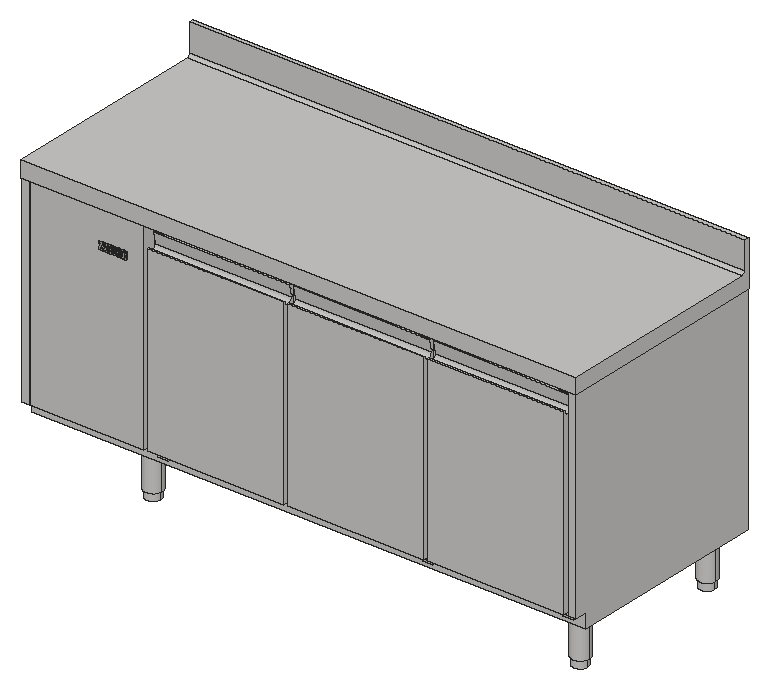
Revit family "QF_ZANUSSI_111101_ZH3K3AAA", category Specialty Equipment, Revit 2018
Family settings
  Round Connector Dimension = Use Diameter
  Part Type = Normal
  Work Plane-Based = No
  Always vertical = Yes
  Cut with Voids When Loaded = No
  Shared = No
  Room Calculation Point = No
Parameters
  Weight = 0.00 kg
  Watts = 0.0418064 W
  Volts = 220 V
  URL Manufacturer = "http://www.zanussiprofessional.com/"
  URL = "http://www.zanussiprofessional.com/"
  Steam Supply Size = 0 mm
  Steam Supply Minimum Pressure = 0.0 Pa
  Steam Supply Maximum Pressure = 0.0 Pa
  Steam Pounds per Hour = 0
  Show Logo [instance] = yes
  Show Clearance [instance] = yes
  Refrigeration Suction Line Size = 0 mm
  Refrigeration Liquid Line Size = 0 mm
  Refrigerant Compressor Remote = yes
  Manufacturer = "Zanussi"
  Phase = 1
  Model = "ZH3K3AAA"
  Length Actual = 1799 mm  # constant formula
  Item Number = "111101"
  Hot Water Size = 0 mm
  Height Actual = 1000 mm  # constant formula
  HP = "0.6 HP"
  Gas Size = 0 mm
  Gas KW = 0
  Gas Input Pressure = 0 W
  Description = "3 DOORS FREEZER TABLE 440L-SPLASHB"
  Depth Actual = 700 mm  # constant formula
  Cycle = 50 Hz
  Condensate Return Size = 0 mm
  Compressed Air Volume = 0.0 L/s
  Compressed Air Size = 0 mm
  Compressed Air Pressure = 0.0 Pa
  Cold Water Size = 0 mm
  Accessory = yes
Reference planes
  plane 1 "Center X": y = 182.5
  plane 2: z = 0
  plane 3 "Center Y": x = -353.5
  plane 4: y = -62.5
  plane 5: y = 451.5
  plane 6 "BACK": y = 532.5
  plane 7 "FRONT": y = -167.5
  plane 8: x = -906
  plane 9: x = 478
  plane 10: z = 150
  plane 11 "TOP": z = 900
  plane 12: z = 850
  plane 13 "LEFT": x = -1251
  plane 14 "RIGHT": x = 544
  plane 15: x = -1253
  plane 16: x = 546
Forms (mm)
  Extrusion 1, solid, material "QF_Finishes_Stainless Steel"
    sketch origin (-353.5, 2, 0) x (0, 1, 0) y (0, 0, 1)
      loop
        line (530.5, 150) -> (530.5, 850) -> (-124.5, 850) -> (-124.5, 150) -> (530.5, 150)
    from -897.5 to 897.5
  Extrusion 2, solid, material "QF_Finishes_Stainless Steel"
    sketch origin (-1022.223, -1524, 150) x (-1, 0, 0) y (0, -1, 0)
      loop
        line (228.777, -1361.5) -> (203.777, -1361.5) -> (203.777, -1401.5) -> (228.777, -1401.5) -> (228.777, -1361.5)
      loop
        line (-1566.223, -1401.5) -> (-1541.223, -1401.5) -> (-1541.223, -1361.5) -> (-1566.223, -1361.5) -> (-1566.223, -1401.5)
    from 47 to 700
  Extrusion 3, solid, material "QF_Finishes_Stainless Steel"
    sketch origin (0, 0, 900) x (-1, 0, 0) y (0, -1, 0)
      loop
        circle (170, -94.5) r 8.45
    from -790.577 to -750
  Extrusion 4, solid, material "QF_Finishes_Stainless Steel"
    sketch origin (0, 0, 0) x (1, 0, 0) y (0, 1, 0)
      loop
        circle (-1167, 451.5) r 4
    from 109.423 to 150
  Extrusion 5, solid, material "QF_Finishes_Stainless Steel"
    sketch origin (-126.5, 0, 0) x (0, 1, 0) y (0, 0, 1)
      loop
        line (-167.5, 900) -> (-167.5, 850) -> (532.5, 850) -> (532.5, 1000) -> (519.5, 1000) -> (519.5, 910)
        arc (519.5, 910) -> (516.571, 902.929) -> (509.5, 900) r 10
        line (509.5, 900) -> (-167.5, 900)
    from 672.5 to -1126.5
Cuts and joins
  joined: Extrusion 1, Extrusion 2
Lines and regions (mm)
  symbolic lines, style "SpecialityEquipmentHiddenLines"
    curve 1: line (-1253, -122.5, 900) -> (546, -122.5, 900)
    curve 2: line (-850, -167.5, 900) -> (-850, -122.5, 900)
  symbolic lines, style "SpecialityEquipment"
    curve 3: line (-1253, 532.5, 900) -> (546, 532.5, 900)
    curve 4: line (-1253, 532.5, 900) -> (-1253, -167.5, 900)
    curve 5: line (-1253, -167.5, 900) -> (546, -167.5, 900)
    curve 6: line (546, -167.5, 900) -> (546, 532.5, 900)
    curve 7: line (-1253, 519.5, 900) -> (546, 519.5, 900)
Dimensions and locks
  locked: plane 6 "BACK" to plane 7 "FRONT" at 700
  equal spacing: plane 6 "BACK", plane 1 "Center X", plane 7 "FRONT"
  locked: plane 6 "BACK" to plane 5 at 81
  plane 10 to level = 150 mm
  plane 11 "TOP" to plane 12 to plane 10 = 50 mm locked, 700 mm locked
  locked: Extrusion 2 sketch curve to Extrusion 2 sketch curve at 25  (x2)
  locked: plane 4 to plane 7 "FRONT" at 105
  locked: plane 6 "BACK" to Extrusion 3 sketch curve at 438
  equal spacing: plane 13 "LEFT", plane 3 "Center Y", plane 14 "RIGHT"
  plane 15 to plane 16 = 1799 mm
  locked: plane 13 "LEFT" to plane 8 at 345
  locked: plane 9 to plane 14 "RIGHT" at 66
  Extrusion 3 sketch curve to plane 14 "RIGHT" = 714 mm
  plane 13 "LEFT" to Extrusion 4 sketch curve = 84 mm
  locked: plane 6 "BACK" to Extrusion 4 sketch curve at 81
  locked: plane 10 to Extrusion 4 at 40.577
  aligned and locked: level to plane 2
  aligned and locked: plane 10 to Extrusion 3
  aligned and locked: nested 4 to plane 4
  aligned and locked: nested 1 to plane 4
  aligned and locked: nested 3 to plane 5
  aligned and locked: nested 2 to plane 5
  aligned and locked: plane 8 to nested 1
  aligned and locked: plane 8 to nested 2
  aligned and locked: plane 9 to nested 4
  aligned and locked: plane 9 to nested 3
  aligned and locked: Extrusion 1 to Extrusion 2
  aligned and locked: Extrusion 2 to Extrusion 1
  aligned and locked: Extrusion 2 sketch curve to plane 14 "RIGHT"
  aligned and locked: plane 13 "LEFT" to Extrusion 2 sketch curve
  aligned and locked: cut or joined group of Extrusion 1, Extrusion 2 to plane 10
  aligned and locked: plane 12 to cut or joined group of Extrusion 1, Extrusion 2
  aligned and locked: plane 10 to Extrusion 4
Automatic sketch dimensions
  plane 7 "FRONT" to Extrusion 2 sketch curve = 45 mm  (x2)
  plane 7 "FRONT" to Extrusion 2 sketch curve = 5 mm  (x2)
  Extrusion 1 sketch curve to plane 10 = 0 mm
  Extrusion 1 sketch curve to plane 12 = 0 mm
  Extrusion 1 sketch curve to plane 6 "BACK" = 0 mm
  plane 7 "FRONT" to Extrusion 1 sketch curve = 45 mm
  Extrusion 5 sketch curve to plane 7 "FRONT" = 0 mm
  Extrusion 5 sketch curve to plane 11 "TOP" = 0 mm
  Extrusion 5 sketch curve to plane 6 "BACK" = 0 mm
  Extrusion 5 sketch curve to plane 12 = 0 mm
  plane 11 "TOP" to Extrusion 5 sketch curve = 10 mm
  Extrusion 5 sketch curve to plane 6 "BACK" = 23 mm
  Extrusion 5 sketch curve to Extrusion 5 sketch curve = 90 mm
  curve 7 to plane 16 = 0 mm
  curve 2 to plane 7 "FRONT" = 0 mm
  curve 5 to plane 15 = 0 mm
  curve 3 to plane 6 "BACK" = 0 mm
  plane 8 to curve 2 = 56 mm
  curve 3 to curve 7 = 13 mm
  curve 1 to curve 4 = 45 mm
  radius of Extrusion 3 sketch curve = 8.45 mm
  radius of Extrusion 4 sketch curve = 4 mm
Nested families
  nested 1: "Foot_Ø50_H150" at (-906, -62.5, 0), type "Foot_Ø50_H150"
  nested 2: "Foot_Ø50_H150" at (-906, 451.5, 0), type "Foot_Ø50_H150"
  nested 3: "Foot_Ø50_H150" at (478, 451.5, 0), type "Foot_Ø50_H150"
  nested 4: "Foot_Ø50_H150" at (478, -62.5, 0), type "Foot_Ø50_H150"
  nested 5: "Door" at (285, -164.5, 0), Show Clearance <- "Show Clearance", type "Door"
  nested 6: "Door" at (-169, -164.5, 0), Show Clearance <- "Show Clearance", type "Door"
  nested 7: "Freezer" at (544, -167.5, 900), type "Freezer"
  nested 8: "ZAN_Cooling Unit" at (-1041.5, -164.5, 0), Show Logo <- "Show Logo", type "ZAN_Cooling Unit"
  nested 9: "Door" at (-623, -164.5, 0) x (-1, 0, 0) z (0, 0, 1), Show Clearance <- "Show Clearance", type "Door"
Connectors
  electrical at (-1167, 451.5, 109.423), driven by "Volts"
    settings: on Extrusion 4, index 4, voltage 220 V, apparent load 0 VA, apparent load phase1 0 VA, apparent load phase2 0 VA, apparent load phase3 0 VA, power factor 1, load classification "Altro", number of poles 1, system type 30, power factor state 1, is connector primary yes, connector utility no, sub classification motor no, connector description "Electrical Connection"
  piping at (-170, 94.5, 109.423), diameter 17
    settings: on Extrusion 3, index 5, connector inside diameter 609.6 mm, connector length 0 mm, flow factor 0, pipe flow 0.0 L/s, pressure drop 0.0 Pa, fitting loss kfactor 0, connector angle 0.00°, fixture units 0, engagement length 0 mm, angle of deflection 0.00°, flow configuration 1, flow direction 2, fitting loss method 0, system type 16, joint type 0, gender type 0, connector reference index -1, connector utility 0, adjustable connector no, is connector primary yes, connector description "Drain"
Definition of nested family "Foot_Ø50_H150"
  Reference planes
    plane 1 "Centro (Fronte/Retro)": y = 0
    plane 2: z = 0
    plane 3 "Centro (Sinistra/Destra)": x = 0
    plane 4: z = 150
  Forms (mm)
    Revolve 1, solid
      sketch origin (255.05, 0, 608.09) x (0, 0, 1) y (-1, 0, 0)
        loop
          line (-608.09, 255.05) -> (-608.09, 230.05) -> (-583.09, 230.05) -> (-583.09, 226.05) -> (-458.09, 226.05) -> (-458.09, 255.05) -> (-608.09, 255.05)
        axis (-608.09, 255.05) -> (-458.09, 255.05)
      angle from 0 to 360
  Dimensions and locks
    locked: Revolve 1 sketch curve to Revolve 1 sketch curve at 125
    aligned and locked: level to plane 2
    aligned and locked: plane 4 to Revolve 1 sketch curve
    aligned and locked: Revolve 1 sketch curve to level
    aligned and locked: plane 3 "Centro (Sinistra/Destra)" to Revolve 1 sketch curve
Definition of nested family "Door"
  Parameters
    Show Clearance [instance] = yes
  Reference planes
    plane 1 "FRONT": y = -3
    plane 2: z = 0
    plane 3 "Centro (Sinistra/Destra)": x = 0
    plane 4: z = 150
    plane 5: z = 850
    plane 6: x = -234
    plane 7: x = 234
    plane 8: x = -220
    plane 9: x = 220
  Forms (mm)
    Extrusion 1, solid
      sketch origin (0, 53, 511) x (0, 0, 1) y (0, -1, 0)
        loop
          line (-323.003, 28.5) -> (-316.501, 28.5) -> (-316.501, 31) -> (-325.503, 31) -> (-325.503, 13.5) -> (-345.503, 13.5) -> (-345.503, 11) -> (-323.003, 11) -> (-323.003, 23.259) -> (-323.003, 28.5)
        loop
          line (-314, 27) -> (-316.501, 27) -> (-316.501, 18.501) -> (-319.752, 18.501) -> (-319.752, 16) -> (-314, 16) -> (-314, 27)
        loop
          line (315.003, 27) -> (315.003, 13.948) -> (315.003, 11) -> (327.503, 11) -> (327.503, 13.5) -> (317.503, 13.5) -> (317.503, 27) -> (315.003, 27)
      from 185 to 220
    Extrusion 2, solid, visible <- "Show Clearance", detail levels coarse
      sketch origin (0, 53, 511) x (0, -1, 0) y (1, 0, 0)
        loop
          line (51, 220) -> (51, -220)
          arc (51, -220) -> (339.234, -79.44) -> (454, 220) r 437.168
          line (454, 220) -> (51, 220)
      from -314 to 314
    Extrusion 3, solid
      sketch origin (0, 55, 511) x (0, 0, 1) y (0, -1, 0)
        loop
          line (314, 18) -> (314, 29) -> (274.395, 22.5)
          arc (274.395, 22.5) -> (260.395, 36.5) -> (274.395, 50.5) r 14
          line (274.395, 50.5) -> (274.395, 53) -> (-314, 53) -> (-314, 18) -> (314, 18)
      from -220 to 220
  Lines and regions (mm)
    symbolic lines
      curve 1: line (220, -3, 0) -> (220, -401, 0)
      curve 2: line (220, -401, 0) -> (185, -401, 0)
      curve 3: line (185, -401, 0) -> (185, -3, 0)
      curve 4: arc (-219.722, -3, 0) -> (-89.51, -275.368, 0) -> (185, -401, 0) r 442.855
  Dimensions and locks
    aligned and locked: level to plane 2
Definition of nested family "ZAN_Cooling Unit"
  Parameters
    Show Logo [instance] = yes
  Reference planes
    plane 1 "FRONT": y = -3
    plane 2: z = 0
    plane 3 "Centro (Sinistra/Destra)": x = 0
    plane 4: z = 150
    plane 5: z = 850
    plane 6: x = -184.5
    plane 7: x = 184.5
  Forms (mm)
    Extrusion 1, solid
      sketch origin (0, 55, 511) x (0, 0, 1) y (0, -1, 0)
        loop
          line (-314, 53) -> (-314, 13) -> (339, 13) -> (339, 53) -> (-314, 53)
      from -184.5 to 184.5
  Lines and regions (mm)
    Split face 1
      outline origin (0, 2, 197) x (0, 0, 1) y (-1, 0, 0)
        loop
          line (566.835, 184.5) -> (566.835, -184.5)
        loop
          line (521.835, 184.5) -> (521.835, -184.5)
    Split face 2
      outline origin (0, 2, 197) x (0, 0, 1) y (-1, 0, 0)
        loop
          arc (510.649, 158.547) -> (506.648, 162.548) -> (502.647, 158.547) r 4.001
          line (502.647, 158.547) -> (502.647, 116.535)
          arc (502.647, 116.535) -> (506.648, 112.533) -> (510.649, 116.535) r 4.001
          line (510.649, 116.535) -> (510.649, 158.547)
    Split face 3
      outline origin (0, 2, 184.996) x (0, 0, 1) y (-1, 0, 0)
        loop
          arc (510.649, 158.547) -> (506.648, 162.548) -> (502.647, 158.547) r 4.001
          line (502.647, 158.547) -> (502.647, 116.535)
          arc (502.647, 116.535) -> (506.648, 112.533) -> (510.649, 116.535) r 4.001
          line (510.649, 116.535) -> (510.649, 158.547)
    Split face 4
      outline origin (0, 2, 172.993) x (0, 0, 1) y (-1, 0, 0)
        loop
          arc (510.649, 158.547) -> (506.648, 162.548) -> (502.647, 158.547) r 4.001
          line (502.647, 158.547) -> (502.647, 116.535)
          arc (502.647, 116.535) -> (506.648, 112.533) -> (510.649, 116.535) r 4.001
          line (510.649, 116.535) -> (510.649, 158.547)
    Split face 5
      outline origin (0, 2, 160.989) x (0, 0, 1) y (-1, 0, 0)
        loop
          arc (510.649, 158.547) -> (506.648, 162.548) -> (502.647, 158.547) r 4.001
          line (502.647, 158.547) -> (502.647, 116.535)
          arc (502.647, 116.535) -> (506.648, 112.533) -> (510.649, 116.535) r 4.001
          line (510.649, 116.535) -> (510.649, 158.547)
    Split face 6
      outline origin (0, 2, 148.986) x (0, 0, 1) y (-1, 0, 0)
        loop
          arc (510.649, 158.547) -> (506.648, 162.548) -> (502.647, 158.547) r 4.001
          line (502.647, 158.547) -> (502.647, 116.535)
          arc (502.647, 116.535) -> (506.648, 112.533) -> (510.649, 116.535) r 4.001
          line (510.649, 116.535) -> (510.649, 158.547)
    Split face 7
      outline origin (0, 2, 136.982) x (0, 0, 1) y (-1, 0, 0)
        loop
          arc (510.649, 158.547) -> (506.648, 162.548) -> (502.647, 158.547) r 4.001
          line (502.647, 158.547) -> (502.647, 116.535)
          arc (502.647, 116.535) -> (506.648, 112.533) -> (510.649, 116.535) r 4.001
          line (510.649, 116.535) -> (510.649, 158.547)
    Split face 8
      outline origin (0, 2, 124.979) x (0, 0, 1) y (-1, 0, 0)
        loop
          arc (510.649, 158.547) -> (506.648, 162.548) -> (502.647, 158.547) r 4.001
          line (502.647, 158.547) -> (502.647, 116.535)
          arc (502.647, 116.535) -> (506.648, 112.533) -> (510.649, 116.535) r 4.001
          line (510.649, 116.535) -> (510.649, 158.547)
    Split face 9
      outline origin (0, 2, 112.975) x (0, 0, 1) y (-1, 0, 0)
        loop
          arc (510.649, 158.547) -> (506.648, 162.548) -> (502.647, 158.547) r 4.001
          line (502.647, 158.547) -> (502.647, 116.535)
          arc (502.647, 116.535) -> (506.648, 112.533) -> (510.649, 116.535) r 4.001
          line (510.649, 116.535) -> (510.649, 158.547)
    Split face 10
      outline origin (0, 2, 100.972) x (0, 0, 1) y (-1, 0, 0)
        loop
          arc (510.649, 158.547) -> (506.648, 162.548) -> (502.647, 158.547) r 4.001
          line (502.647, 158.547) -> (502.647, 116.535)
          arc (502.647, 116.535) -> (506.648, 112.533) -> (510.649, 116.535) r 4.001
          line (510.649, 116.535) -> (510.649, 158.547)
    Split face 11
      outline origin (0, 2, 88.968) x (0, 0, 1) y (-1, 0, 0)
        loop
          arc (510.649, 158.547) -> (506.648, 162.548) -> (502.647, 158.547) r 4.001
          line (502.647, 158.547) -> (502.647, 116.535)
          arc (502.647, 116.535) -> (506.648, 112.533) -> (510.649, 116.535) r 4.001
          line (510.649, 116.535) -> (510.649, 158.547)
    Split face 12
      outline origin (0, 2, 76.965) x (0, 0, 1) y (-1, 0, 0)
        loop
          arc (510.649, 158.547) -> (506.648, 162.548) -> (502.647, 158.547) r 4.001
          line (502.647, 158.547) -> (502.647, 116.535)
          arc (502.647, 116.535) -> (506.648, 112.533) -> (510.649, 116.535) r 4.001
          line (510.649, 116.535) -> (510.649, 158.547)
    Split face 13
      outline origin (0, 2, 64.961) x (0, 0, 1) y (-1, 0, 0)
        loop
          arc (510.649, 158.547) -> (506.648, 162.548) -> (502.647, 158.547) r 4.001
          line (502.647, 158.547) -> (502.647, 116.535)
          arc (502.647, 116.535) -> (506.648, 112.533) -> (510.649, 116.535) r 4.001
          line (510.649, 116.535) -> (510.649, 158.547)
    Split face 14
      outline origin (0, 2, 52.958) x (0, 0, 1) y (-1, 0, 0)
        loop
          arc (510.649, 158.547) -> (506.648, 162.548) -> (502.647, 158.547) r 4.001
          line (502.647, 158.547) -> (502.647, 116.535)
          arc (502.647, 116.535) -> (506.648, 112.533) -> (510.649, 116.535) r 4.001
          line (510.649, 116.535) -> (510.649, 158.547)
    Split face 15
      outline origin (0, 2, 40.954) x (0, 0, 1) y (-1, 0, 0)
        loop
          arc (510.649, 158.547) -> (506.648, 162.548) -> (502.647, 158.547) r 4.001
          line (502.647, 158.547) -> (502.647, 116.535)
          arc (502.647, 116.535) -> (506.648, 112.533) -> (510.649, 116.535) r 4.001
          line (510.649, 116.535) -> (510.649, 158.547)
    Split face 16
      outline origin (0, 2, 28.951) x (0, 0, 1) y (-1, 0, 0)
        loop
          arc (510.649, 158.547) -> (506.648, 162.548) -> (502.647, 158.547) r 4.001
          line (502.647, 158.547) -> (502.647, 116.535)
          arc (502.647, 116.535) -> (506.648, 112.533) -> (510.649, 116.535) r 4.001
          line (510.649, 116.535) -> (510.649, 158.547)
    Split face 17
      outline origin (0, 2, 16.947) x (0, 0, 1) y (-1, 0, 0)
        loop
          arc (510.649, 158.547) -> (506.648, 162.548) -> (502.647, 158.547) r 4.001
          line (502.647, 158.547) -> (502.647, 116.535)
          arc (502.647, 116.535) -> (506.648, 112.533) -> (510.649, 116.535) r 4.001
          line (510.649, 116.535) -> (510.649, 158.547)
    Split face 18
      outline origin (55.016, 2, 197) x (0, 0, 1) y (-1, 0, 0)
        loop
          arc (510.649, 158.547) -> (506.648, 162.548) -> (502.647, 158.547) r 4.001
          line (502.647, 158.547) -> (502.647, 116.535)
          arc (502.647, 116.535) -> (506.648, 112.533) -> (510.649, 116.535) r 4.001
          line (510.649, 116.535) -> (510.649, 158.547)
    Split face 19
      outline origin (55.016, 2, 184.996) x (0, 0, 1) y (-1, 0, 0)
        loop
          arc (510.649, 158.547) -> (506.648, 162.548) -> (502.647, 158.547) r 4.001
          line (502.647, 158.547) -> (502.647, 116.535)
          arc (502.647, 116.535) -> (506.648, 112.533) -> (510.649, 116.535) r 4.001
          line (510.649, 116.535) -> (510.649, 158.547)
    Split face 20
      outline origin (55.016, 2, 172.993) x (0, 0, 1) y (-1, 0, 0)
        loop
          arc (510.649, 158.547) -> (506.648, 162.548) -> (502.647, 158.547) r 4.001
          line (502.647, 158.547) -> (502.647, 116.535)
          arc (502.647, 116.535) -> (506.648, 112.533) -> (510.649, 116.535) r 4.001
          line (510.649, 116.535) -> (510.649, 158.547)
    Split face 21
      outline origin (55.016, 2, 160.989) x (0, 0, 1) y (-1, 0, 0)
        loop
          arc (510.649, 158.547) -> (506.648, 162.548) -> (502.647, 158.547) r 4.001
          line (502.647, 158.547) -> (502.647, 116.535)
          arc (502.647, 116.535) -> (506.648, 112.533) -> (510.649, 116.535) r 4.001
          line (510.649, 116.535) -> (510.649, 158.547)
    Split face 22
      outline origin (55.016, 2, 148.986) x (0, 0, 1) y (-1, 0, 0)
        loop
          arc (510.649, 158.547) -> (506.648, 162.548) -> (502.647, 158.547) r 4.001
          line (502.647, 158.547) -> (502.647, 116.535)
          arc (502.647, 116.535) -> (506.648, 112.533) -> (510.649, 116.535) r 4.001
          line (510.649, 116.535) -> (510.649, 158.547)
    Split face 23
      outline origin (55.016, 2, 136.982) x (0, 0, 1) y (-1, 0, 0)
        loop
          arc (510.649, 158.547) -> (506.648, 162.548) -> (502.647, 158.547) r 4.001
          line (502.647, 158.547) -> (502.647, 116.535)
          arc (502.647, 116.535) -> (506.648, 112.533) -> (510.649, 116.535) r 4.001
          line (510.649, 116.535) -> (510.649, 158.547)
    Split face 24
      outline origin (55.016, 2, 124.979) x (0, 0, 1) y (-1, 0, 0)
        loop
          arc (510.649, 158.547) -> (506.648, 162.548) -> (502.647, 158.547) r 4.001
          line (502.647, 158.547) -> (502.647, 116.535)
          arc (502.647, 116.535) -> (506.648, 112.533) -> (510.649, 116.535) r 4.001
          line (510.649, 116.535) -> (510.649, 158.547)
    Split face 25
      outline origin (55.016, 2, 112.975) x (0, 0, 1) y (-1, 0, 0)
        loop
          arc (510.649, 158.547) -> (506.648, 162.548) -> (502.647, 158.547) r 4.001
          line (502.647, 158.547) -> (502.647, 116.535)
          arc (502.647, 116.535) -> (506.648, 112.533) -> (510.649, 116.535) r 4.001
          line (510.649, 116.535) -> (510.649, 158.547)
    Split face 26
      outline origin (55.016, 2, 100.972) x (0, 0, 1) y (-1, 0, 0)
        loop
          arc (510.649, 158.547) -> (506.648, 162.548) -> (502.647, 158.547) r 4.001
          line (502.647, 158.547) -> (502.647, 116.535)
          arc (502.647, 116.535) -> (506.648, 112.533) -> (510.649, 116.535) r 4.001
          line (510.649, 116.535) -> (510.649, 158.547)
    Split face 27
      outline origin (55.016, 2, 88.968) x (0, 0, 1) y (-1, 0, 0)
        loop
          arc (510.649, 158.547) -> (506.648, 162.548) -> (502.647, 158.547) r 4.001
          line (502.647, 158.547) -> (502.647, 116.535)
          arc (502.647, 116.535) -> (506.648, 112.533) -> (510.649, 116.535) r 4.001
          line (510.649, 116.535) -> (510.649, 158.547)
    Split face 28
      outline origin (55.016, 2, 76.965) x (0, 0, 1) y (-1, 0, 0)
        loop
          arc (510.649, 158.547) -> (506.648, 162.548) -> (502.647, 158.547) r 4.001
          line (502.647, 158.547) -> (502.647, 116.535)
          arc (502.647, 116.535) -> (506.648, 112.533) -> (510.649, 116.535) r 4.001
          line (510.649, 116.535) -> (510.649, 158.547)
    Split face 29
      outline origin (55.016, 2, 64.961) x (0, 0, 1) y (-1, 0, 0)
        loop
          arc (510.649, 158.547) -> (506.648, 162.548) -> (502.647, 158.547) r 4.001
          line (502.647, 158.547) -> (502.647, 116.535)
          arc (502.647, 116.535) -> (506.648, 112.533) -> (510.649, 116.535) r 4.001
          line (510.649, 116.535) -> (510.649, 158.547)
    Split face 30
      outline origin (55.016, 2, 52.958) x (0, 0, 1) y (-1, 0, 0)
        loop
          arc (510.649, 158.547) -> (506.648, 162.548) -> (502.647, 158.547) r 4.001
          line (502.647, 158.547) -> (502.647, 116.535)
          arc (502.647, 116.535) -> (506.648, 112.533) -> (510.649, 116.535) r 4.001
          line (510.649, 116.535) -> (510.649, 158.547)
    Split face 31
      outline origin (55.016, 2, 40.954) x (0, 0, 1) y (-1, 0, 0)
        loop
          arc (510.649, 158.547) -> (506.648, 162.548) -> (502.647, 158.547) r 4.001
          line (502.647, 158.547) -> (502.647, 116.535)
          arc (502.647, 116.535) -> (506.648, 112.533) -> (510.649, 116.535) r 4.001
          line (510.649, 116.535) -> (510.649, 158.547)
    Split face 32
      outline origin (55.016, 2, 28.951) x (0, 0, 1) y (-1, 0, 0)
        loop
          arc (510.649, 158.547) -> (506.648, 162.548) -> (502.647, 158.547) r 4.001
          line (502.647, 158.547) -> (502.647, 116.535)
          arc (502.647, 116.535) -> (506.648, 112.533) -> (510.649, 116.535) r 4.001
          line (510.649, 116.535) -> (510.649, 158.547)
    Split face 33
      outline origin (55.016, 2, 16.947) x (0, 0, 1) y (-1, 0, 0)
        loop
          arc (510.649, 158.547) -> (506.648, 162.548) -> (502.647, 158.547) r 4.001
          line (502.647, 158.547) -> (502.647, 116.535)
          arc (502.647, 116.535) -> (506.648, 112.533) -> (510.649, 116.535) r 4.001
          line (510.649, 116.535) -> (510.649, 158.547)
    Split face 34
      outline origin (110.032, 2, 197) x (0, 0, 1) y (-1, 0, 0)
        loop
          arc (510.649, 158.547) -> (506.648, 162.548) -> (502.647, 158.547) r 4.001
          line (502.647, 158.547) -> (502.647, 116.535)
          arc (502.647, 116.535) -> (506.648, 112.533) -> (510.649, 116.535) r 4.001
          line (510.649, 116.535) -> (510.649, 158.547)
    Split face 35
      outline origin (110.032, 2, 184.996) x (0, 0, 1) y (-1, 0, 0)
        loop
          arc (510.649, 158.547) -> (506.648, 162.548) -> (502.647, 158.547) r 4.001
          line (502.647, 158.547) -> (502.647, 116.535)
          arc (502.647, 116.535) -> (506.648, 112.533) -> (510.649, 116.535) r 4.001
          line (510.649, 116.535) -> (510.649, 158.547)
    Split face 36
      outline origin (110.032, 2, 172.993) x (0, 0, 1) y (-1, 0, 0)
        loop
          arc (510.649, 158.547) -> (506.648, 162.548) -> (502.647, 158.547) r 4.001
          line (502.647, 158.547) -> (502.647, 116.535)
          arc (502.647, 116.535) -> (506.648, 112.533) -> (510.649, 116.535) r 4.001
          line (510.649, 116.535) -> (510.649, 158.547)
    Split face 37
      outline origin (110.032, 2, 160.989) x (0, 0, 1) y (-1, 0, 0)
        loop
          arc (510.649, 158.547) -> (506.648, 162.548) -> (502.647, 158.547) r 4.001
          line (502.647, 158.547) -> (502.647, 116.535)
          arc (502.647, 116.535) -> (506.648, 112.533) -> (510.649, 116.535) r 4.001
          line (510.649, 116.535) -> (510.649, 158.547)
    Split face 38
      outline origin (110.032, 2, 148.986) x (0, 0, 1) y (-1, 0, 0)
        loop
          arc (510.649, 158.547) -> (506.648, 162.548) -> (502.647, 158.547) r 4.001
          line (502.647, 158.547) -> (502.647, 116.535)
          arc (502.647, 116.535) -> (506.648, 112.533) -> (510.649, 116.535) r 4.001
          line (510.649, 116.535) -> (510.649, 158.547)
    Split face 39
      outline origin (110.032, 2, 136.982) x (0, 0, 1) y (-1, 0, 0)
        loop
          arc (510.649, 158.547) -> (506.648, 162.548) -> (502.647, 158.547) r 4.001
          line (502.647, 158.547) -> (502.647, 116.535)
          arc (502.647, 116.535) -> (506.648, 112.533) -> (510.649, 116.535) r 4.001
          line (510.649, 116.535) -> (510.649, 158.547)
    Split face 40
      outline origin (110.032, 2, 124.979) x (0, 0, 1) y (-1, 0, 0)
        loop
          arc (510.649, 158.547) -> (506.648, 162.548) -> (502.647, 158.547) r 4.001
          line (502.647, 158.547) -> (502.647, 116.535)
          arc (502.647, 116.535) -> (506.648, 112.533) -> (510.649, 116.535) r 4.001
          line (510.649, 116.535) -> (510.649, 158.547)
    Split face 41
      outline origin (110.032, 2, 112.975) x (0, 0, 1) y (-1, 0, 0)
        loop
          arc (510.649, 158.547) -> (506.648, 162.548) -> (502.647, 158.547) r 4.001
          line (502.647, 158.547) -> (502.647, 116.535)
          arc (502.647, 116.535) -> (506.648, 112.533) -> (510.649, 116.535) r 4.001
          line (510.649, 116.535) -> (510.649, 158.547)
    Split face 42
      outline origin (110.032, 2, 100.972) x (0, 0, 1) y (-1, 0, 0)
        loop
          arc (510.649, 158.547) -> (506.648, 162.548) -> (502.647, 158.547) r 4.001
          line (502.647, 158.547) -> (502.647, 116.535)
          arc (502.647, 116.535) -> (506.648, 112.533) -> (510.649, 116.535) r 4.001
          line (510.649, 116.535) -> (510.649, 158.547)
    Split face 43
      outline origin (110.032, 2, 88.968) x (0, 0, 1) y (-1, 0, 0)
        loop
          arc (510.649, 158.547) -> (506.648, 162.548) -> (502.647, 158.547) r 4.001
          line (502.647, 158.547) -> (502.647, 116.535)
          arc (502.647, 116.535) -> (506.648, 112.533) -> (510.649, 116.535) r 4.001
          line (510.649, 116.535) -> (510.649, 158.547)
    Split face 44
      outline origin (110.032, 2, 76.965) x (0, 0, 1) y (-1, 0, 0)
        loop
          arc (510.649, 158.547) -> (506.648, 162.548) -> (502.647, 158.547) r 4.001
          line (502.647, 158.547) -> (502.647, 116.535)
          arc (502.647, 116.535) -> (506.648, 112.533) -> (510.649, 116.535) r 4.001
          line (510.649, 116.535) -> (510.649, 158.547)
    Split face 45
      outline origin (110.032, 2, 64.961) x (0, 0, 1) y (-1, 0, 0)
        loop
          arc (510.649, 158.547) -> (506.648, 162.548) -> (502.647, 158.547) r 4.001
          line (502.647, 158.547) -> (502.647, 116.535)
          arc (502.647, 116.535) -> (506.648, 112.533) -> (510.649, 116.535) r 4.001
          line (510.649, 116.535) -> (510.649, 158.547)
    Split face 46
      outline origin (110.032, 2, 52.958) x (0, 0, 1) y (-1, 0, 0)
        loop
          arc (510.649, 158.547) -> (506.648, 162.548) -> (502.647, 158.547) r 4.001
          line (502.647, 158.547) -> (502.647, 116.535)
          arc (502.647, 116.535) -> (506.648, 112.533) -> (510.649, 116.535) r 4.001
          line (510.649, 116.535) -> (510.649, 158.547)
    Split face 47
      outline origin (110.032, 2, 40.954) x (0, 0, 1) y (-1, 0, 0)
        loop
          arc (510.649, 158.547) -> (506.648, 162.548) -> (502.647, 158.547) r 4.001
          line (502.647, 158.547) -> (502.647, 116.535)
          arc (502.647, 116.535) -> (506.648, 112.533) -> (510.649, 116.535) r 4.001
          line (510.649, 116.535) -> (510.649, 158.547)
    Split face 48
      outline origin (110.032, 2, 28.951) x (0, 0, 1) y (-1, 0, 0)
        loop
          arc (510.649, 158.547) -> (506.648, 162.548) -> (502.647, 158.547) r 4.001
          line (502.647, 158.547) -> (502.647, 116.535)
          arc (502.647, 116.535) -> (506.648, 112.533) -> (510.649, 116.535) r 4.001
          line (510.649, 116.535) -> (510.649, 158.547)
    Split face 49
      outline origin (110.032, 2, 16.947) x (0, 0, 1) y (-1, 0, 0)
        loop
          arc (510.649, 158.547) -> (506.648, 162.548) -> (502.647, 158.547) r 4.001
          line (502.647, 158.547) -> (502.647, 116.535)
          arc (502.647, 116.535) -> (506.648, 112.533) -> (510.649, 116.535) r 4.001
          line (510.649, 116.535) -> (510.649, 158.547)
    Split face 50
      outline origin (165.048, 2, 197) x (0, 0, 1) y (-1, 0, 0)
        loop
          arc (510.649, 158.547) -> (506.648, 162.548) -> (502.647, 158.547) r 4.001
          line (502.647, 158.547) -> (502.647, 116.535)
          arc (502.647, 116.535) -> (506.648, 112.533) -> (510.649, 116.535) r 4.001
          line (510.649, 116.535) -> (510.649, 158.547)
    Split face 51
      outline origin (165.048, 2, 184.996) x (0, 0, 1) y (-1, 0, 0)
        loop
          arc (510.649, 158.547) -> (506.648, 162.548) -> (502.647, 158.547) r 4.001
          line (502.647, 158.547) -> (502.647, 116.535)
          arc (502.647, 116.535) -> (506.648, 112.533) -> (510.649, 116.535) r 4.001
          line (510.649, 116.535) -> (510.649, 158.547)
    Split face 52
      outline origin (165.048, 2, 172.993) x (0, 0, 1) y (-1, 0, 0)
        loop
          arc (510.649, 158.547) -> (506.648, 162.548) -> (502.647, 158.547) r 4.001
          line (502.647, 158.547) -> (502.647, 116.535)
          arc (502.647, 116.535) -> (506.648, 112.533) -> (510.649, 116.535) r 4.001
          line (510.649, 116.535) -> (510.649, 158.547)
    Split face 53
      outline origin (165.048, 2, 160.989) x (0, 0, 1) y (-1, 0, 0)
        loop
          arc (510.649, 158.547) -> (506.648, 162.548) -> (502.647, 158.547) r 4.001
          line (502.647, 158.547) -> (502.647, 116.535)
          arc (502.647, 116.535) -> (506.648, 112.533) -> (510.649, 116.535) r 4.001
          line (510.649, 116.535) -> (510.649, 158.547)
    Split face 54
      outline origin (165.048, 2, 148.986) x (0, 0, 1) y (-1, 0, 0)
        loop
          arc (510.649, 158.547) -> (506.648, 162.548) -> (502.647, 158.547) r 4.001
          line (502.647, 158.547) -> (502.647, 116.535)
          arc (502.647, 116.535) -> (506.648, 112.533) -> (510.649, 116.535) r 4.001
          line (510.649, 116.535) -> (510.649, 158.547)
    Split face 55
      outline origin (165.048, 2, 136.982) x (0, 0, 1) y (-1, 0, 0)
        loop
          arc (510.649, 158.547) -> (506.648, 162.548) -> (502.647, 158.547) r 4.001
          line (502.647, 158.547) -> (502.647, 116.535)
          arc (502.647, 116.535) -> (506.648, 112.533) -> (510.649, 116.535) r 4.001
          line (510.649, 116.535) -> (510.649, 158.547)
    Split face 56
      outline origin (165.048, 2, 124.979) x (0, 0, 1) y (-1, 0, 0)
        loop
          arc (510.649, 158.547) -> (506.648, 162.548) -> (502.647, 158.547) r 4.001
          line (502.647, 158.547) -> (502.647, 116.535)
          arc (502.647, 116.535) -> (506.648, 112.533) -> (510.649, 116.535) r 4.001
          line (510.649, 116.535) -> (510.649, 158.547)
    Split face 57
      outline origin (165.048, 2, 112.975) x (0, 0, 1) y (-1, 0, 0)
        loop
          arc (510.649, 158.547) -> (506.648, 162.548) -> (502.647, 158.547) r 4.001
          line (502.647, 158.547) -> (502.647, 116.535)
          arc (502.647, 116.535) -> (506.648, 112.533) -> (510.649, 116.535) r 4.001
          line (510.649, 116.535) -> (510.649, 158.547)
    Split face 58
      outline origin (165.048, 2, 100.972) x (0, 0, 1) y (-1, 0, 0)
        loop
          arc (510.649, 158.547) -> (506.648, 162.548) -> (502.647, 158.547) r 4.001
          line (502.647, 158.547) -> (502.647, 116.535)
          arc (502.647, 116.535) -> (506.648, 112.533) -> (510.649, 116.535) r 4.001
          line (510.649, 116.535) -> (510.649, 158.547)
    Split face 59
      outline origin (165.048, 2, 88.968) x (0, 0, 1) y (-1, 0, 0)
        loop
          arc (510.649, 158.547) -> (506.648, 162.548) -> (502.647, 158.547) r 4.001
          line (502.647, 158.547) -> (502.647, 116.535)
          arc (502.647, 116.535) -> (506.648, 112.533) -> (510.649, 116.535) r 4.001
          line (510.649, 116.535) -> (510.649, 158.547)
    Split face 60
      outline origin (165.048, 2, 76.965) x (0, 0, 1) y (-1, 0, 0)
        loop
          arc (510.649, 158.547) -> (506.648, 162.548) -> (502.647, 158.547) r 4.001
          line (502.647, 158.547) -> (502.647, 116.535)
          arc (502.647, 116.535) -> (506.648, 112.533) -> (510.649, 116.535) r 4.001
          line (510.649, 116.535) -> (510.649, 158.547)
    Split face 61
      outline origin (165.048, 2, 64.961) x (0, 0, 1) y (-1, 0, 0)
        loop
          arc (510.649, 158.547) -> (506.648, 162.548) -> (502.647, 158.547) r 4.001
          line (502.647, 158.547) -> (502.647, 116.535)
          arc (502.647, 116.535) -> (506.648, 112.533) -> (510.649, 116.535) r 4.001
          line (510.649, 116.535) -> (510.649, 158.547)
    Split face 62
      outline origin (165.048, 2, 52.958) x (0, 0, 1) y (-1, 0, 0)
        loop
          arc (510.649, 158.547) -> (506.648, 162.548) -> (502.647, 158.547) r 4.001
          line (502.647, 158.547) -> (502.647, 116.535)
          arc (502.647, 116.535) -> (506.648, 112.533) -> (510.649, 116.535) r 4.001
          line (510.649, 116.535) -> (510.649, 158.547)
    Split face 63
      outline origin (165.048, 2, 40.954) x (0, 0, 1) y (-1, 0, 0)
        loop
          arc (510.649, 158.547) -> (506.648, 162.548) -> (502.647, 158.547) r 4.001
          line (502.647, 158.547) -> (502.647, 116.535)
          arc (502.647, 116.535) -> (506.648, 112.533) -> (510.649, 116.535) r 4.001
          line (510.649, 116.535) -> (510.649, 158.547)
    Split face 64
      outline origin (165.048, 2, 28.951) x (0, 0, 1) y (-1, 0, 0)
        loop
          arc (510.649, 158.547) -> (506.648, 162.548) -> (502.647, 158.547) r 4.001
          line (502.647, 158.547) -> (502.647, 116.535)
          arc (502.647, 116.535) -> (506.648, 112.533) -> (510.649, 116.535) r 4.001
          line (510.649, 116.535) -> (510.649, 158.547)
    Split face 65
      outline origin (165.048, 2, 16.947) x (0, 0, 1) y (-1, 0, 0)
        loop
          arc (510.649, 158.547) -> (506.648, 162.548) -> (502.647, 158.547) r 4.001
          line (502.647, 158.547) -> (502.647, 116.535)
          arc (502.647, 116.535) -> (506.648, 112.533) -> (510.649, 116.535) r 4.001
          line (510.649, 116.535) -> (510.649, 158.547)
    Split face 66
      outline origin (220.064, 2, 197) x (0, 0, 1) y (-1, 0, 0)
        loop
          arc (510.649, 158.547) -> (506.648, 162.548) -> (502.647, 158.547) r 4.001
          line (502.647, 158.547) -> (502.647, 116.535)
          arc (502.647, 116.535) -> (506.648, 112.533) -> (510.649, 116.535) r 4.001
          line (510.649, 116.535) -> (510.649, 158.547)
    Split face 67
      outline origin (220.064, 2, 184.996) x (0, 0, 1) y (-1, 0, 0)
        loop
          arc (510.649, 158.547) -> (506.648, 162.548) -> (502.647, 158.547) r 4.001
          line (502.647, 158.547) -> (502.647, 116.535)
          arc (502.647, 116.535) -> (506.648, 112.533) -> (510.649, 116.535) r 4.001
          line (510.649, 116.535) -> (510.649, 158.547)
    Split face 68
      outline origin (220.064, 2, 172.993) x (0, 0, 1) y (-1, 0, 0)
        loop
          arc (510.649, 158.547) -> (506.648, 162.548) -> (502.647, 158.547) r 4.001
          line (502.647, 158.547) -> (502.647, 116.535)
          arc (502.647, 116.535) -> (506.648, 112.533) -> (510.649, 116.535) r 4.001
          line (510.649, 116.535) -> (510.649, 158.547)
    Split face 69
      outline origin (220.064, 2, 160.989) x (0, 0, 1) y (-1, 0, 0)
        loop
          arc (510.649, 158.547) -> (506.648, 162.548) -> (502.647, 158.547) r 4.001
          line (502.647, 158.547) -> (502.647, 116.535)
          arc (502.647, 116.535) -> (506.648, 112.533) -> (510.649, 116.535) r 4.001
          line (510.649, 116.535) -> (510.649, 158.547)
    Split face 70
      outline origin (220.064, 2, 148.986) x (0, 0, 1) y (-1, 0, 0)
        loop
          arc (510.649, 158.547) -> (506.648, 162.548) -> (502.647, 158.547) r 4.001
          line (502.647, 158.547) -> (502.647, 116.535)
          arc (502.647, 116.535) -> (506.648, 112.533) -> (510.649, 116.535) r 4.001
          line (510.649, 116.535) -> (510.649, 158.547)
    Split face 71
      outline origin (220.064, 2, 136.982) x (0, 0, 1) y (-1, 0, 0)
        loop
          arc (510.649, 158.547) -> (506.648, 162.548) -> (502.647, 158.547) r 4.001
          line (502.647, 158.547) -> (502.647, 116.535)
          arc (502.647, 116.535) -> (506.648, 112.533) -> (510.649, 116.535) r 4.001
          line (510.649, 116.535) -> (510.649, 158.547)
    Split face 72
      outline origin (220.064, 2, 124.979) x (0, 0, 1) y (-1, 0, 0)
        loop
          arc (510.649, 158.547) -> (506.648, 162.548) -> (502.647, 158.547) r 4.001
          line (502.647, 158.547) -> (502.647, 116.535)
          arc (502.647, 116.535) -> (506.648, 112.533) -> (510.649, 116.535) r 4.001
          line (510.649, 116.535) -> (510.649, 158.547)
    Split face 73
      outline origin (220.064, 2, 112.975) x (0, 0, 1) y (-1, 0, 0)
        loop
          arc (510.649, 158.547) -> (506.648, 162.548) -> (502.647, 158.547) r 4.001
          line (502.647, 158.547) -> (502.647, 116.535)
          arc (502.647, 116.535) -> (506.648, 112.533) -> (510.649, 116.535) r 4.001
          line (510.649, 116.535) -> (510.649, 158.547)
    Split face 74
      outline origin (220.064, 2, 100.972) x (0, 0, 1) y (-1, 0, 0)
        loop
          arc (510.649, 158.547) -> (506.648, 162.548) -> (502.647, 158.547) r 4.001
          line (502.647, 158.547) -> (502.647, 116.535)
          arc (502.647, 116.535) -> (506.648, 112.533) -> (510.649, 116.535) r 4.001
          line (510.649, 116.535) -> (510.649, 158.547)
    Split face 75
      outline origin (220.064, 2, 88.968) x (0, 0, 1) y (-1, 0, 0)
        loop
          arc (510.649, 158.547) -> (506.648, 162.548) -> (502.647, 158.547) r 4.001
          line (502.647, 158.547) -> (502.647, 116.535)
          arc (502.647, 116.535) -> (506.648, 112.533) -> (510.649, 116.535) r 4.001
          line (510.649, 116.535) -> (510.649, 158.547)
    Split face 76
      outline origin (220.064, 2, 76.965) x (0, 0, 1) y (-1, 0, 0)
        loop
          arc (510.649, 158.547) -> (506.648, 162.548) -> (502.647, 158.547) r 4.001
          line (502.647, 158.547) -> (502.647, 116.535)
          arc (502.647, 116.535) -> (506.648, 112.533) -> (510.649, 116.535) r 4.001
          line (510.649, 116.535) -> (510.649, 158.547)
    Split face 77
      outline origin (220.064, 2, 64.961) x (0, 0, 1) y (-1, 0, 0)
        loop
          arc (510.649, 158.547) -> (506.648, 162.548) -> (502.647, 158.547) r 4.001
          line (502.647, 158.547) -> (502.647, 116.535)
          arc (502.647, 116.535) -> (506.648, 112.533) -> (510.649, 116.535) r 4.001
          line (510.649, 116.535) -> (510.649, 158.547)
    Split face 78
      outline origin (220.064, 2, 52.958) x (0, 0, 1) y (-1, 0, 0)
        loop
          arc (510.649, 158.547) -> (506.648, 162.548) -> (502.647, 158.547) r 4.001
          line (502.647, 158.547) -> (502.647, 116.535)
          arc (502.647, 116.535) -> (506.648, 112.533) -> (510.649, 116.535) r 4.001
          line (510.649, 116.535) -> (510.649, 158.547)
    Split face 79
      outline origin (220.064, 2, 40.954) x (0, 0, 1) y (-1, 0, 0)
        loop
          arc (510.649, 158.547) -> (506.648, 162.548) -> (502.647, 158.547) r 4.001
          line (502.647, 158.547) -> (502.647, 116.535)
          arc (502.647, 116.535) -> (506.648, 112.533) -> (510.649, 116.535) r 4.001
          line (510.649, 116.535) -> (510.649, 158.547)
    Split face 80
      outline origin (220.064, 2, 28.951) x (0, 0, 1) y (-1, 0, 0)
        loop
          arc (510.649, 158.547) -> (506.648, 162.548) -> (502.647, 158.547) r 4.001
          line (502.647, 158.547) -> (502.647, 116.535)
          arc (502.647, 116.535) -> (506.648, 112.533) -> (510.649, 116.535) r 4.001
          line (510.649, 116.535) -> (510.649, 158.547)
    Split face 81
      outline origin (220.064, 2, 16.947) x (0, 0, 1) y (-1, 0, 0)
        loop
          arc (510.649, 158.547) -> (506.648, 162.548) -> (502.647, 158.547) r 4.001
          line (502.647, 158.547) -> (502.647, 116.535)
          arc (502.647, 116.535) -> (506.648, 112.533) -> (510.649, 116.535) r 4.001
          line (510.649, 116.535) -> (510.649, 158.547)
    Split face 82
      outline origin (275.081, 2, 197) x (0, 0, 1) y (-1, 0, 0)
        loop
          arc (510.649, 158.547) -> (506.648, 162.548) -> (502.647, 158.547) r 4.001
          line (502.647, 158.547) -> (502.647, 116.535)
          arc (502.647, 116.535) -> (506.648, 112.533) -> (510.649, 116.535) r 4.001
          line (510.649, 116.535) -> (510.649, 158.547)
    Split face 83
      outline origin (275.081, 2, 184.996) x (0, 0, 1) y (-1, 0, 0)
        loop
          arc (510.649, 158.547) -> (506.648, 162.548) -> (502.647, 158.547) r 4.001
          line (502.647, 158.547) -> (502.647, 116.535)
          arc (502.647, 116.535) -> (506.648, 112.533) -> (510.649, 116.535) r 4.001
          line (510.649, 116.535) -> (510.649, 158.547)
    Split face 84
      outline origin (275.081, 2, 172.993) x (0, 0, 1) y (-1, 0, 0)
        loop
          arc (510.649, 158.547) -> (506.648, 162.548) -> (502.647, 158.547) r 4.001
          line (502.647, 158.547) -> (502.647, 116.535)
          arc (502.647, 116.535) -> (506.648, 112.533) -> (510.649, 116.535) r 4.001
          line (510.649, 116.535) -> (510.649, 158.547)
    Split face 85
      outline origin (275.081, 2, 160.989) x (0, 0, 1) y (-1, 0, 0)
        loop
          arc (510.649, 158.547) -> (506.648, 162.548) -> (502.647, 158.547) r 4.001
          line (502.647, 158.547) -> (502.647, 116.535)
          arc (502.647, 116.535) -> (506.648, 112.533) -> (510.649, 116.535) r 4.001
          line (510.649, 116.535) -> (510.649, 158.547)
    Split face 86
      outline origin (275.081, 2, 148.986) x (0, 0, 1) y (-1, 0, 0)
        loop
          arc (510.649, 158.547) -> (506.648, 162.548) -> (502.647, 158.547) r 4.001
          line (502.647, 158.547) -> (502.647, 116.535)
          arc (502.647, 116.535) -> (506.648, 112.533) -> (510.649, 116.535) r 4.001
          line (510.649, 116.535) -> (510.649, 158.547)
    Split face 87
      outline origin (275.081, 2, 136.982) x (0, 0, 1) y (-1, 0, 0)
        loop
          arc (510.649, 158.547) -> (506.648, 162.548) -> (502.647, 158.547) r 4.001
          line (502.647, 158.547) -> (502.647, 116.535)
          arc (502.647, 116.535) -> (506.648, 112.533) -> (510.649, 116.535) r 4.001
          line (510.649, 116.535) -> (510.649, 158.547)
    Split face 88
      outline origin (275.081, 2, 124.979) x (0, 0, 1) y (-1, 0, 0)
        loop
          arc (510.649, 158.547) -> (506.648, 162.548) -> (502.647, 158.547) r 4.001
          line (502.647, 158.547) -> (502.647, 116.535)
          arc (502.647, 116.535) -> (506.648, 112.533) -> (510.649, 116.535) r 4.001
          line (510.649, 116.535) -> (510.649, 158.547)
    Split face 89
      outline origin (275.081, 2, 112.975) x (0, 0, 1) y (-1, 0, 0)
        loop
          arc (510.649, 158.547) -> (506.648, 162.548) -> (502.647, 158.547) r 4.001
          line (502.647, 158.547) -> (502.647, 116.535)
          arc (502.647, 116.535) -> (506.648, 112.533) -> (510.649, 116.535) r 4.001
          line (510.649, 116.535) -> (510.649, 158.547)
    Split face 90
      outline origin (275.081, 2, 100.972) x (0, 0, 1) y (-1, 0, 0)
        loop
          arc (510.649, 158.547) -> (506.648, 162.548) -> (502.647, 158.547) r 4.001
          line (502.647, 158.547) -> (502.647, 116.535)
          arc (502.647, 116.535) -> (506.648, 112.533) -> (510.649, 116.535) r 4.001
          line (510.649, 116.535) -> (510.649, 158.547)
    Split face 91
      outline origin (275.081, 2, 88.968) x (0, 0, 1) y (-1, 0, 0)
        loop
          arc (510.649, 158.547) -> (506.648, 162.548) -> (502.647, 158.547) r 4.001
          line (502.647, 158.547) -> (502.647, 116.535)
          arc (502.647, 116.535) -> (506.648, 112.533) -> (510.649, 116.535) r 4.001
          line (510.649, 116.535) -> (510.649, 158.547)
    Split face 92
      outline origin (275.081, 2, 76.965) x (0, 0, 1) y (-1, 0, 0)
        loop
          arc (510.649, 158.547) -> (506.648, 162.548) -> (502.647, 158.547) r 4.001
          line (502.647, 158.547) -> (502.647, 116.535)
          arc (502.647, 116.535) -> (506.648, 112.533) -> (510.649, 116.535) r 4.001
          line (510.649, 116.535) -> (510.649, 158.547)
    Split face 93
      outline origin (275.081, 2, 64.961) x (0, 0, 1) y (-1, 0, 0)
        loop
          arc (510.649, 158.547) -> (506.648, 162.548) -> (502.647, 158.547) r 4.001
          line (502.647, 158.547) -> (502.647, 116.535)
          arc (502.647, 116.535) -> (506.648, 112.533) -> (510.649, 116.535) r 4.001
          line (510.649, 116.535) -> (510.649, 158.547)
    Split face 94
      outline origin (275.081, 2, 52.958) x (0, 0, 1) y (-1, 0, 0)
        loop
          arc (510.649, 158.547) -> (506.648, 162.548) -> (502.647, 158.547) r 4.001
          line (502.647, 158.547) -> (502.647, 116.535)
          arc (502.647, 116.535) -> (506.648, 112.533) -> (510.649, 116.535) r 4.001
          line (510.649, 116.535) -> (510.649, 158.547)
    Split face 95
      outline origin (275.081, 2, 40.954) x (0, 0, 1) y (-1, 0, 0)
        loop
          arc (510.649, 158.547) -> (506.648, 162.548) -> (502.647, 158.547) r 4.001
          line (502.647, 158.547) -> (502.647, 116.535)
          arc (502.647, 116.535) -> (506.648, 112.533) -> (510.649, 116.535) r 4.001
          line (510.649, 116.535) -> (510.649, 158.547)
    Split face 96
      outline origin (275.081, 2, 28.951) x (0, 0, 1) y (-1, 0, 0)
        loop
          arc (510.649, 158.547) -> (506.648, 162.548) -> (502.647, 158.547) r 4.001
          line (502.647, 158.547) -> (502.647, 116.535)
          arc (502.647, 116.535) -> (506.648, 112.533) -> (510.649, 116.535) r 4.001
          line (510.649, 116.535) -> (510.649, 158.547)
    Split face 97
      outline origin (275.081, 2, 16.947) x (0, 0, 1) y (-1, 0, 0)
        loop
          arc (510.649, 158.547) -> (506.648, 162.548) -> (502.647, 158.547) r 4.001
          line (502.647, 158.547) -> (502.647, 116.535)
          arc (502.647, 116.535) -> (506.648, 112.533) -> (510.649, 116.535) r 4.001
          line (510.649, 116.535) -> (510.649, 158.547)
    Split face 98
      outline origin (0, 2, -113.091) x (0, 0, 1) y (-1, 0, 0)
        loop
          arc (510.649, 158.547) -> (506.648, 162.548) -> (502.647, 158.547) r 4.001
          line (502.647, 158.547) -> (502.647, 116.535)
          arc (502.647, 116.535) -> (506.648, 112.533) -> (510.649, 116.535) r 4.001
          line (510.649, 116.535) -> (510.649, 158.547)
    Split face 99
      outline origin (0, 2, -125.094) x (0, 0, 1) y (-1, 0, 0)
        loop
          arc (510.649, 158.547) -> (506.648, 162.548) -> (502.647, 158.547) r 4.001
          line (502.647, 158.547) -> (502.647, 116.535)
          arc (502.647, 116.535) -> (506.648, 112.533) -> (510.649, 116.535) r 4.001
          line (510.649, 116.535) -> (510.649, 158.547)
    Split face 100
      outline origin (0, 2, -137.098) x (0, 0, 1) y (-1, 0, 0)
        loop
          arc (510.649, 158.547) -> (506.648, 162.548) -> (502.647, 158.547) r 4.001
          line (502.647, 158.547) -> (502.647, 116.535)
          arc (502.647, 116.535) -> (506.648, 112.533) -> (510.649, 116.535) r 4.001
          line (510.649, 116.535) -> (510.649, 158.547)
    Split face 101
      outline origin (0, 2, -149.101) x (0, 0, 1) y (-1, 0, 0)
        loop
          arc (510.649, 158.547) -> (506.648, 162.548) -> (502.647, 158.547) r 4.001
          line (502.647, 158.547) -> (502.647, 116.535)
          arc (502.647, 116.535) -> (506.648, 112.533) -> (510.649, 116.535) r 4.001
          line (510.649, 116.535) -> (510.649, 158.547)
    Split face 102
      outline origin (0, 2, -161.105) x (0, 0, 1) y (-1, 0, 0)
        loop
          arc (510.649, 158.547) -> (506.648, 162.548) -> (502.647, 158.547) r 4.001
          line (502.647, 158.547) -> (502.647, 116.535)
          arc (502.647, 116.535) -> (506.648, 112.533) -> (510.649, 116.535) r 4.001
          line (510.649, 116.535) -> (510.649, 158.547)
    Split face 103
      outline origin (0, 2, -173.108) x (0, 0, 1) y (-1, 0, 0)
        loop
          arc (510.649, 158.547) -> (506.648, 162.548) -> (502.647, 158.547) r 4.001
          line (502.647, 158.547) -> (502.647, 116.535)
          arc (502.647, 116.535) -> (506.648, 112.533) -> (510.649, 116.535) r 4.001
          line (510.649, 116.535) -> (510.649, 158.547)
    Split face 104
      outline origin (0, 2, -185.112) x (0, 0, 1) y (-1, 0, 0)
        loop
          arc (510.649, 158.547) -> (506.648, 162.548) -> (502.647, 158.547) r 4.001
          line (502.647, 158.547) -> (502.647, 116.535)
          arc (502.647, 116.535) -> (506.648, 112.533) -> (510.649, 116.535) r 4.001
          line (510.649, 116.535) -> (510.649, 158.547)
    Split face 105
      outline origin (0, 2, -197.115) x (0, 0, 1) y (-1, 0, 0)
        loop
          arc (510.649, 158.547) -> (506.648, 162.548) -> (502.647, 158.547) r 4.001
          line (502.647, 158.547) -> (502.647, 116.535)
          arc (502.647, 116.535) -> (506.648, 112.533) -> (510.649, 116.535) r 4.001
          line (510.649, 116.535) -> (510.649, 158.547)
    Split face 106
      outline origin (0, 2, -209.119) x (0, 0, 1) y (-1, 0, 0)
        loop
          arc (510.649, 158.547) -> (506.648, 162.548) -> (502.647, 158.547) r 4.001
          line (502.647, 158.547) -> (502.647, 116.535)
          arc (502.647, 116.535) -> (506.648, 112.533) -> (510.649, 116.535) r 4.001
          line (510.649, 116.535) -> (510.649, 158.547)
    Split face 107
      outline origin (0, 2, -221.122) x (0, 0, 1) y (-1, 0, 0)
        loop
          arc (510.649, 158.547) -> (506.648, 162.548) -> (502.647, 158.547) r 4.001
          line (502.647, 158.547) -> (502.647, 116.535)
          arc (502.647, 116.535) -> (506.648, 112.533) -> (510.649, 116.535) r 4.001
          line (510.649, 116.535) -> (510.649, 158.547)
    Split face 108
      outline origin (0, 2, -233.126) x (0, 0, 1) y (-1, 0, 0)
        loop
          arc (510.649, 158.547) -> (506.648, 162.548) -> (502.647, 158.547) r 4.001
          line (502.647, 158.547) -> (502.647, 116.535)
          arc (502.647, 116.535) -> (506.648, 112.533) -> (510.649, 116.535) r 4.001
          line (510.649, 116.535) -> (510.649, 158.547)
    Split face 109
      outline origin (0, 2, -245.129) x (0, 0, 1) y (-1, 0, 0)
        loop
          arc (510.649, 158.547) -> (506.648, 162.548) -> (502.647, 158.547) r 4.001
          line (502.647, 158.547) -> (502.647, 116.535)
          arc (502.647, 116.535) -> (506.648, 112.533) -> (510.649, 116.535) r 4.001
          line (510.649, 116.535) -> (510.649, 158.547)
    Split face 110
      outline origin (0, 2, -257.133) x (0, 0, 1) y (-1, 0, 0)
        loop
          arc (510.649, 158.547) -> (506.648, 162.548) -> (502.647, 158.547) r 4.001
          line (502.647, 158.547) -> (502.647, 116.535)
          arc (502.647, 116.535) -> (506.648, 112.533) -> (510.649, 116.535) r 4.001
          line (510.649, 116.535) -> (510.649, 158.547)
    Split face 111
      outline origin (0, 2, -269.136) x (0, 0, 1) y (-1, 0, 0)
        loop
          arc (510.649, 158.547) -> (506.648, 162.548) -> (502.647, 158.547) r 4.001
          line (502.647, 158.547) -> (502.647, 116.535)
          arc (502.647, 116.535) -> (506.648, 112.533) -> (510.649, 116.535) r 4.001
          line (510.649, 116.535) -> (510.649, 158.547)
    Split face 112
      outline origin (0, 2, -281.14) x (0, 0, 1) y (-1, 0, 0)
        loop
          arc (510.649, 158.547) -> (506.648, 162.548) -> (502.647, 158.547) r 4.001
          line (502.647, 158.547) -> (502.647, 116.535)
          arc (502.647, 116.535) -> (506.648, 112.533) -> (510.649, 116.535) r 4.001
          line (510.649, 116.535) -> (510.649, 158.547)
    Split face 113
      outline origin (0, 2, -293.144) x (0, 0, 1) y (-1, 0, 0)
        loop
          arc (510.649, 158.547) -> (506.648, 162.548) -> (502.647, 158.547) r 4.001
          line (502.647, 158.547) -> (502.647, 116.535)
          arc (502.647, 116.535) -> (506.648, 112.533) -> (510.649, 116.535) r 4.001
          line (510.649, 116.535) -> (510.649, 158.547)
    Split face 114
      outline origin (55.016, 2, -113.091) x (0, 0, 1) y (-1, 0, 0)
        loop
          arc (510.649, 158.547) -> (506.648, 162.548) -> (502.647, 158.547) r 4.001
          line (502.647, 158.547) -> (502.647, 116.535)
          arc (502.647, 116.535) -> (506.648, 112.533) -> (510.649, 116.535) r 4.001
          line (510.649, 116.535) -> (510.649, 158.547)
    Split face 115
      outline origin (55.016, 2, -125.094) x (0, 0, 1) y (-1, 0, 0)
        loop
          arc (510.649, 158.547) -> (506.648, 162.548) -> (502.647, 158.547) r 4.001
          line (502.647, 158.547) -> (502.647, 116.535)
          arc (502.647, 116.535) -> (506.648, 112.533) -> (510.649, 116.535) r 4.001
          line (510.649, 116.535) -> (510.649, 158.547)
    Split face 116
      outline origin (55.016, 2, -137.098) x (0, 0, 1) y (-1, 0, 0)
        loop
          arc (510.649, 158.547) -> (506.648, 162.548) -> (502.647, 158.547) r 4.001
          line (502.647, 158.547) -> (502.647, 116.535)
          arc (502.647, 116.535) -> (506.648, 112.533) -> (510.649, 116.535) r 4.001
          line (510.649, 116.535) -> (510.649, 158.547)
    Split face 117
      outline origin (55.016, 2, -149.101) x (0, 0, 1) y (-1, 0, 0)
        loop
          arc (510.649, 158.547) -> (506.648, 162.548) -> (502.647, 158.547) r 4.001
          line (502.647, 158.547) -> (502.647, 116.535)
          arc (502.647, 116.535) -> (506.648, 112.533) -> (510.649, 116.535) r 4.001
          line (510.649, 116.535) -> (510.649, 158.547)
    Split face 118
      outline origin (55.016, 2, -161.105) x (0, 0, 1) y (-1, 0, 0)
        loop
          arc (510.649, 158.547) -> (506.648, 162.548) -> (502.647, 158.547) r 4.001
          line (502.647, 158.547) -> (502.647, 116.535)
          arc (502.647, 116.535) -> (506.648, 112.533) -> (510.649, 116.535) r 4.001
          line (510.649, 116.535) -> (510.649, 158.547)
    Split face 119
      outline origin (55.016, 2, -173.108) x (0, 0, 1) y (-1, 0, 0)
        loop
          arc (510.649, 158.547) -> (506.648, 162.548) -> (502.647, 158.547) r 4.001
          line (502.647, 158.547) -> (502.647, 116.535)
          arc (502.647, 116.535) -> (506.648, 112.533) -> (510.649, 116.535) r 4.001
          line (510.649, 116.535) -> (510.649, 158.547)
    Split face 120
      outline origin (55.016, 2, -185.112) x (0, 0, 1) y (-1, 0, 0)
        loop
          arc (510.649, 158.547) -> (506.648, 162.548) -> (502.647, 158.547) r 4.001
          line (502.647, 158.547) -> (502.647, 116.535)
          arc (502.647, 116.535) -> (506.648, 112.533) -> (510.649, 116.535) r 4.001
          line (510.649, 116.535) -> (510.649, 158.547)
    Split face 121
      outline origin (55.016, 2, -197.115) x (0, 0, 1) y (-1, 0, 0)
        loop
          arc (510.649, 158.547) -> (506.648, 162.548) -> (502.647, 158.547) r 4.001
          line (502.647, 158.547) -> (502.647, 116.535)
          arc (502.647, 116.535) -> (506.648, 112.533) -> (510.649, 116.535) r 4.001
          line (510.649, 116.535) -> (510.649, 158.547)
    Split face 122
      outline origin (55.016, 2, -209.119) x (0, 0, 1) y (-1, 0, 0)
        loop
          arc (510.649, 158.547) -> (506.648, 162.548) -> (502.647, 158.547) r 4.001
          line (502.647, 158.547) -> (502.647, 116.535)
          arc (502.647, 116.535) -> (506.648, 112.533) -> (510.649, 116.535) r 4.001
          line (510.649, 116.535) -> (510.649, 158.547)
    Split face 123
      outline origin (55.016, 2, -221.122) x (0, 0, 1) y (-1, 0, 0)
        loop
          arc (510.649, 158.547) -> (506.648, 162.548) -> (502.647, 158.547) r 4.001
          line (502.647, 158.547) -> (502.647, 116.535)
          arc (502.647, 116.535) -> (506.648, 112.533) -> (510.649, 116.535) r 4.001
          line (510.649, 116.535) -> (510.649, 158.547)
    Split face 124
      outline origin (55.016, 2, -233.126) x (0, 0, 1) y (-1, 0, 0)
        loop
          arc (510.649, 158.547) -> (506.648, 162.548) -> (502.647, 158.547) r 4.001
          line (502.647, 158.547) -> (502.647, 116.535)
          arc (502.647, 116.535) -> (506.648, 112.533) -> (510.649, 116.535) r 4.001
          line (510.649, 116.535) -> (510.649, 158.547)
    Split face 125
      outline origin (55.016, 2, -245.129) x (0, 0, 1) y (-1, 0, 0)
        loop
          arc (510.649, 158.547) -> (506.648, 162.548) -> (502.647, 158.547) r 4.001
          line (502.647, 158.547) -> (502.647, 116.535)
          arc (502.647, 116.535) -> (506.648, 112.533) -> (510.649, 116.535) r 4.001
          line (510.649, 116.535) -> (510.649, 158.547)
    Split face 126
      outline origin (55.016, 2, -257.133) x (0, 0, 1) y (-1, 0, 0)
        loop
          arc (510.649, 158.547) -> (506.648, 162.548) -> (502.647, 158.547) r 4.001
          line (502.647, 158.547) -> (502.647, 116.535)
          arc (502.647, 116.535) -> (506.648, 112.533) -> (510.649, 116.535) r 4.001
          line (510.649, 116.535) -> (510.649, 158.547)
    Split face 127
      outline origin (55.016, 2, -269.136) x (0, 0, 1) y (-1, 0, 0)
        loop
          arc (510.649, 158.547) -> (506.648, 162.548) -> (502.647, 158.547) r 4.001
          line (502.647, 158.547) -> (502.647, 116.535)
          arc (502.647, 116.535) -> (506.648, 112.533) -> (510.649, 116.535) r 4.001
          line (510.649, 116.535) -> (510.649, 158.547)
    Split face 128
      outline origin (55.016, 2, -281.14) x (0, 0, 1) y (-1, 0, 0)
        loop
          arc (510.649, 158.547) -> (506.648, 162.548) -> (502.647, 158.547) r 4.001
          line (502.647, 158.547) -> (502.647, 116.535)
          arc (502.647, 116.535) -> (506.648, 112.533) -> (510.649, 116.535) r 4.001
          line (510.649, 116.535) -> (510.649, 158.547)
    Split face 129
      outline origin (55.016, 2, -293.144) x (0, 0, 1) y (-1, 0, 0)
        loop
          arc (510.649, 158.547) -> (506.648, 162.548) -> (502.647, 158.547) r 4.001
          line (502.647, 158.547) -> (502.647, 116.535)
